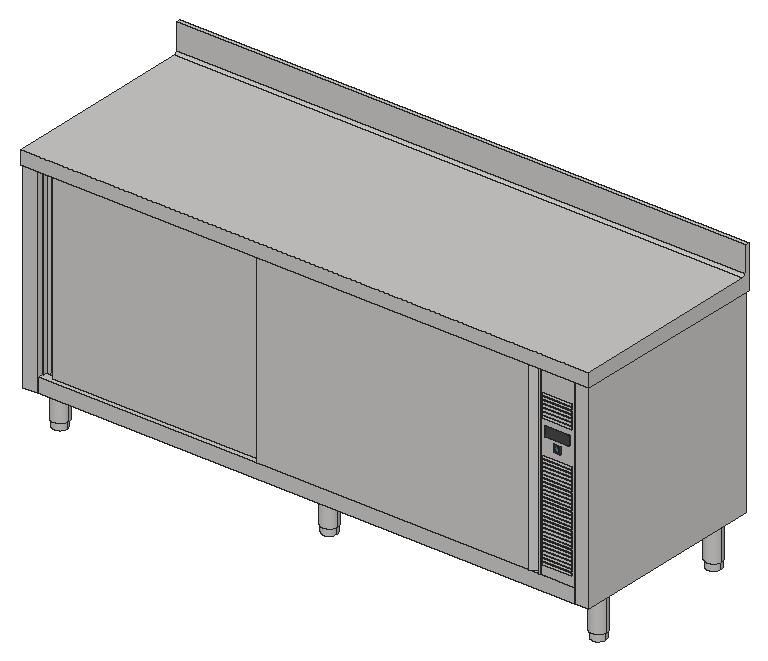
Revit family "QF_ELECTROLUXPROFESSIONAL_133097_TC2010EN", category Attrezzature speciali, Revit 2020
Family settings
  Quota connettore circolare = Usa diametro
  Tipo di parte = Normale
  Basato su piano di lavoro = No
  Sempre verticale = Sì
  Taglio con vuoti quando caricato = No
  Condiviso = No
  Punto di calcolo locali = No
Parameters (values of type "Standard")
  Weight = 75.00 kg
  Watts = 2400 W
  Volts = 220 V
  URL Manufacturer = "https://www.electroluxprofessional.com/"
  URL = "https://www.electroluxprofessional.com/"
  Steam Supply Size = 0 mm
  Steam Supply Minimum Pressure = 0.0 Pa
  Steam Supply Maximum Pressure = 0.0 Pa
  Steam Consumption per Hour = 0
  Refrigeration Suction Line Size = 0.0 mm
  Refrigeration Liquid Line Size = 0.0 mm
  Refrigerant Compressor Remote = yes
  Prospetto di default = 0.0 mm
  Produttore = "Electrolux Professional"
  Phase = 1
  Modello = "TC2010EN"
  Length Actual = 2000.0 mm  # constant formula
  Item Number = "133097"
  Hot Water Size = 0 mm
  Height Actual = 1000.0 mm  # constant formula
  HP = "3.2 HP"
  Gas Size = 0 mm
  Gas KW = 0
  Gas Input Pressure = 0 W
  Direct Waste Size = 0 mm
  Descrizione = "HOT CUPBOARD WITH UPSTAND 2000 MM"
  Depth Actual = 700.0 mm  # constant formula
  Cycle = 50 Hz
  Condensate Return Size = 0 mm
  Compressed Air Volume = 0.0 L/s
  Compressed Air Size = 0 mm
  Compressed Air Pressure = 0.0 Pa
  Cold Water Size = 0 mm
  Accessory = yes
Reference planes
  plane 1 "Center (Front/Back)": y = 0
  plane 2: z = 0
  plane 3 "Center (Left/Right)": x = -500
  plane 4 "LEFT": x = -1500
  plane 5 "RIGHT": x = 500
  plane 6 "BACK": y = 350
  plane 7 "FRONT": y = -350
  plane 8 "Base": z = 850
  plane 9 "TOP": z = 900
  plane 10: x = -1446.5
  plane 11: x = 446.5
  plane 12: y = 264.5
  plane 13: y = -241.5
  plane 14 "BodyLeft": x = -1494.5
  plane 15 "BodyFront": y = -344.5
  plane 16 "BodyRight": x = 494.5
  plane 17 "BodyBack": y = 344.5
  plane 18 "FEET": z = 150
  plane 19: x = 324.5
  plane 20: x = -561
  plane 21: x = 444.5
  plane 22 "EIx": x = 400
  plane 23 "EIy": y = -170
Forms (mm)
  Extrusion 1, solid, material "QF_Finishes_Stainless Steel"
    sketch origin (-500, 0, 0) x (0, 1, 0) y (0, 0, 1)
      loop
        line (-350, 850) -> (350, 850) -> (350, 1000) -> (337, 1000) -> (337, 910)
        arc (337, 910) -> (334.071, 902.929) -> (327, 900) r 10
        line (327, 900) -> (-350, 900) -> (-350, 850)
    from 1000 to -1000
  Extrusion 2, solid, material "QF_Finishes_Stainless Steel"
    sketch origin (0, 0, 150) x (-1, 0, 0) y (0, -1, 0)
      loop
        line (1494.5, -344.5) -> (1494.5, 344.5) -> (1444.5, 344.5) -> (1444.5, -344.5) -> (1494.5, -344.5)
      loop
        line (-444.5, -344.5) -> (-444.5, 344.5) -> (-494.5, 344.5) -> (-494.5, -344.5) -> (-444.5, -344.5)
    from 0 to 700
  Extrusion 3, solid, material "QF_Finishes_Stainless Steel"
    sketch origin (0, 0, 150) x (-1, 0, 0) y (0, -1, 0)
      loop
        line (1444.5, -344.5) -> (1444.5, 344.5) -> (-444.5, 344.5) -> (-444.5, -344.5) -> (1444.5, -344.5)
    from 0 to 50
  Extrusion 4, solid, material "QF_Finishes_Stainless Steel"
    sketch origin (-1, 0, 150) x (-1, 0, 0) y (0, -1, 0)
      loop
        line (-325.5, 344.5) -> (-325.5, 324.5) -> (670.5, 324.5) -> (670.5, 344.5) -> (-285.5, 344.5) -> (-305.5, 329.5) -> (-320.5, 329.5) -> (-320.5, 344.5) -> (-325.5, 344.5)
    from 50 to 700
  Extrusion 5, solid, material "QF_Finishes_Stainless Steel"
    sketch origin (1, 20, 150) x (1, 0, 0) y (0, 1, 0)
      loop
        line (-1445.5, -344.5) -> (-1440.5, -344.5) -> (-1440.5, -329.5) -> (-1425.5, -329.5) -> (-1405.5, -344.5) -> (-451.5, -344.5) -> (-451.5, -324.5) -> (-1445.5, -324.5) -> (-1445.5, -344.5)
    from 50 to 700
  Extrusion 6, solid, material "QF_Finishes_Stainless Steel"
    sketch origin (0, 0, 0) x (1, 0, 0) y (0, 1, 0)
      loop
        line (-1444.5, -304.5) -> (324.5, -304.5) -> (324.5, 324.5) -> (-1444.5, 324.5) -> (-1444.5, -304.5)
    from 500 to 540
  Extrusion 7, solid, material "QF_Finishes_Stainless Steel"
    sketch origin (0, 0, 0) x (1, 0, 0) y (0, 1, 0)
      loop
        line (444.5, 344.5) -> (-1444.5, 344.5) -> (-1444.5, 324.5) -> (444.5, 324.5) -> (444.5, 344.5)
    from 200 to 850
  Extrusion 8, solid, material "QF_Finishes_Stainless Steel"
    sketch origin (0, 0, 150) x (-1, 0, 0) y (0, -1, 0)
      loop
        circle (-400, 170) r 10
    from 0 to -5
Cuts and joins
  joined: Extrusion 3, Extrusion 7
Lines and regions (mm)
  symbolic lines
    curve 1: line (500, 350, 900) -> (-1500, 350, 900)
    curve 2: line (-1500, 350, 900) -> (-1500, -350, 900)
    curve 3: line (-1500, -350, 900) -> (500, -350, 900)
    curve 4: line (500, -350, 900) -> (500, 350, 900)
    curve 15: line (500, 337, 900) -> (-1500, 337, 900)
  symbolic lines, style "SpecialityEquipmentHiddenLines"
    curve 5: line (-1494.5, 344.5, 150) -> (494.5, 344.5, 150)
    curve 6: line (-1494.5, -344.5, 150) -> (-1494.5, 344.5, 150)
    curve 7: line (494.5, -344.5, 150) -> (-1494.5, -344.5, 150)
    curve 8: line (494.5, 344.5, 150) -> (494.5, -344.5, 150)
    curve 9: line (-1445.5, -304.5, 150) -> (-449.5, -304.5, 150)
    curve 10: line (-449.5, -304.5, 150) -> (-449.5, -324.5, 150)
    curve 11: line (-1445.5, -324.5, 150) -> (324.5, -324.5, 150)
    curve 12: line (324.5, -324.5, 150) -> (324.5, -344.5, 150)
    curve 13: line (-1445.5, -304.5, 150) -> (-1445.5, -324.5, 150)
    curve 14: line (-671.5, -344.5, 0) -> (-671.5, -324.5, 0)
Dimensions and locks
  plane 4 "LEFT" to plane 5 "RIGHT" = 2000.0 mm
  equal spacing: plane 4 "LEFT", plane 3 "Center (Left/Right)", plane 5 "RIGHT"
  locked: plane 8 "Base" to level at 850
  plane 6 "BACK" to plane 7 "FRONT" = 700.0 mm
  equal spacing: plane 6 "BACK", plane 1 "Center (Front/Back)", plane 7 "FRONT"
  locked: plane 4 "LEFT" to plane 14 "BodyLeft" at 5.5
  locked: plane 16 "BodyRight" to plane 5 "RIGHT" at 5.5
  locked: plane 15 "BodyFront" to plane 7 "FRONT" at 5.5
  locked: plane 6 "BACK" to plane 17 "BodyBack" at 5.5
  locked: plane 14 "BodyLeft" to plane 10 at 48
  locked: plane 11 to plane 16 "BodyRight" at 48
  locked: plane 13 to plane 15 "BodyFront" at 103
  locked: plane 17 "BodyBack" to plane 12 at 80
  plane 10 to plane 11 = 1893.0 mm
  plane 12 to plane 13 = 506.0 mm
  locked: plane 14 "BodyLeft" to Extrusion 2 sketch curve at 50
  locked: Extrusion 2 sketch curve to Extrusion 2 sketch curve at 50
  equal spacing: plane 10, plane 20, plane 19
  locked: plane 21 to plane 16 "BodyRight" at 50
  locked: plane 19 to plane 21 at 120
  locked: Extrusion 4 sketch curve to plane 20 at 110.5
  locked: plane 20 to Extrusion 5 sketch curve at 110.5
  locked: plane 18 "FEET" to level at 150
  locked: plane 22 "EIx" to plane 5 "RIGHT" at 100
  plane 23 "EIy" to plane 7 "FRONT" = 180.0 mm
  locked: Extrusion 1 to level at 1000
  plane 9 "TOP" to level = 900.0 mm
  aligned and locked: level to plane 2
  aligned and locked: plane 10 to nested 1
  aligned and locked: nested 1 to plane 13
  aligned and locked: plane 11 to nested 2
  aligned and locked: nested 2 to plane 13
  aligned and locked: plane 11 to nested 4
  aligned and locked: nested 4 to plane 12
  aligned and locked: plane 10 to nested 3
  aligned and locked: nested 3 to plane 12
  aligned and locked: Extrusion 1 to plane 4 "LEFT"
  aligned and locked: plane 5 "RIGHT" to Extrusion 1
  aligned and locked: curve 2 to plane 4 "LEFT"
  aligned and locked: plane 17 "BodyBack" to Extrusion 2 sketch curve
  aligned and locked: Extrusion 2 sketch curve to plane 15 "BodyFront"
  aligned and locked: Extrusion 2 sketch curve to plane 14 "BodyLeft"
  aligned and locked: plane 16 "BodyRight" to Extrusion 2 sketch curve
  aligned and locked: Extrusion 2 sketch curve to plane 17 "BodyBack"
  aligned and locked: plane 15 "BodyFront" to Extrusion 2 sketch curve
  aligned and locked: Extrusion 3 sketch curve to plane 17 "BodyBack"
  aligned and locked: plane 15 "BodyFront" to Extrusion 3 sketch curve
  aligned and locked: plane 8 "Base" to Extrusion 2
  aligned and locked: plane 8 "Base" to Extrusion 4
  aligned and locked: Extrusion 4 to Extrusion 3
  aligned and locked: Extrusion 1 to plane 8 "Base"
  aligned and locked: plane 9 "TOP" to Extrusion 1
  aligned and locked: curve 5 to plane 17 "BodyBack"
  aligned and locked: plane 14 "BodyLeft" to curve 6
  aligned and locked: plane 15 "BodyFront" to curve 7
  aligned and locked: plane 16 "BodyRight" to curve 8
  aligned and locked: Extrusion 3 to Extrusion 2  (x2)
  aligned and locked: Extrusion 6 sketch curve to Extrusion 2
  aligned and locked: Extrusion 6 sketch curve to Extrusion 5
  aligned and locked: nested 5 to plane 21
  aligned and locked: Extrusion 7 sketch curve to Extrusion 2
  aligned and locked: Extrusion 6 sketch curve to plane 19
  aligned and locked: plane 3 "Center (Left/Right)" to nested 6
  aligned and locked: plane 3 "Center (Left/Right)" to nested 7
Automatic sketch dimensions
  Extrusion 8 sketch curve to plane 22 "EIx" = 0.0 mm
  Extrusion 8 sketch curve to plane 23 "EIy" = 0.0 mm
  curve 14 to plane 15 "BodyFront" = 0.0 mm
  plane 15 "BodyFront" to curve 14 = 20.0 mm
  curve 14 to plane 20 = 110.5 mm
  curve 3 to plane 7 "FRONT" = 0.0 mm
  curve 15 to plane 5 "RIGHT" = 0.0 mm
  curve 4 to plane 6 "BACK" = 0.0 mm
  curve 15 to plane 17 "BodyBack" = 7.5 mm
  Extrusion 1 sketch curve to plane 7 "FRONT" = 0.0 mm
  Extrusion 1 sketch curve to plane 9 "TOP" = 0.0 mm
  Extrusion 1 sketch curve to plane 6 "BACK" = 0.0 mm
  Extrusion 1 sketch curve to plane 8 "Base" = 0.0 mm
  Extrusion 1 sketch curve to plane 17 "BodyBack" = 17.5 mm
  Extrusion 1 sketch curve to plane 17 "BodyBack" = 7.5 mm
  Extrusion 1 sketch curve to Extrusion 1 sketch curve = 90.0 mm
  Extrusion 3 sketch curve to plane 21 = 0.0 mm
  plane 10 to Extrusion 3 sketch curve = 2.0 mm
  Extrusion 4 sketch curve to plane 19 = 0.0 mm
  Extrusion 4 sketch curve to plane 15 "BodyFront" = 0.0 mm  (x2)
  Extrusion 4 sketch curve to Extrusion 4 sketch curve = 5.0 mm
  Extrusion 4 sketch curve to Extrusion 4 sketch curve = 15.0 mm  (x2)
  Extrusion 4 sketch curve to Extrusion 4 sketch curve = 20.0 mm
  plane 15 "BodyFront" to Extrusion 4 sketch curve = 20.0 mm
  Extrusion 5 sketch curve to plane 15 "BodyFront" = 20.0 mm  (x2)
  Extrusion 5 sketch curve to plane 10 = 42.0 mm
  Extrusion 5 sketch curve to plane 10 = 22.0 mm
  Extrusion 5 sketch curve to plane 10 = 7.0 mm
  Extrusion 5 sketch curve to plane 10 = 2.0 mm
  Extrusion 5 sketch curve to Extrusion 5 sketch curve = 15.0 mm
  Extrusion 5 sketch curve to Extrusion 5 sketch curve = 20.0 mm
  Extrusion 6 sketch curve to plane 17 "BodyBack" = 20.0 mm
  Extrusion 7 sketch curve to plane 21 = 0.0 mm
  Extrusion 7 sketch curve to plane 17 "BodyBack" = 0.0 mm
  Extrusion 7 sketch curve to Extrusion 7 sketch curve = 20.0 mm
  curve 11 to plane 19 = 0.0 mm
  curve 7 to plane 15 "BodyFront" = 0.0 mm
  plane 3 "Center (Left/Right)" to curve 10 = 50.5 mm
  plane 10 to curve 13 = 1.0 mm
  plane 15 "BodyFront" to curve 9 = 40.0 mm
  plane 15 "BodyFront" to curve 13 = 20.0 mm
  radius of Extrusion 8 sketch curve = 10.0 mm
Nested families
  nested 1: "FEET_D58-150" at (-1446.5, -241.5, 0), type "FEET_D58-150"
  nested 2: "FEET_D58-150" at (446.5, -241.5, 0), type "FEET_D58-150"
  nested 3: "FEET_D58-150" at (-1446.5, 264.5, 0), type "FEET_D58-150"
  nested 4: "FEET_D58-150" at (446.5, 264.5, 0), type "FEET_D58-150"
  nested 5: "WT_PNL120x650" at (531.42, -304.5, 600) x (1, 0, 0) z (0, -1, 0), type "WT_PNL120x650"
    with Show Logo yes
  nested 6: "FEET_D58-150" at (-500, -241.5, 0), type "FEET_D58-150"
  nested 7: "FEET_D58-150" at (-500, 264.5, 0), type "FEET_D58-150"
Connectors
  electrical at (400, -170, 145)
    settings: on Extrusion 8, index 1, voltage 0 V, apparent load 0 VA, apparent load phase1 0 VA, apparent load phase2 0 VA, apparent load phase3 0 VA, power factor 1, load classification "Other", number of poles 1, system type 30, power factor state 1, is connector primary yes, connector utility no, sub classification motor no, connector description "Electrical connection"
Definition of nested family "FEET_D58-150"
  Parameters
    Default Elevation = 0.0 mm
    FEET = 150.0 mm
  Reference planes
    plane 1 "Center (Front/Back)": y = 0
    plane 2: z = 0
    plane 3 "Center (Left/Right)": x = 0
    plane 4: z = 150
  Forms (mm)
    Extrusion 1, solid
      sketch origin (0, 0, 0) x (1, 0, 0) y (0, 1, 0)
        loop
          circle (0, 0) r 25
      from 0 to 25
    Extrusion 2, solid
      sketch origin (0, 0, 0) x (1, 0, 0) y (0, 1, 0)
        loop
          circle (0.061, 0) r 29
      from 25 to 150 <- "FEET"
  Lines and regions (mm)
    symbolic lines
      curve 1: line (0, -1.503, 0) -> (0, 1.508, 0)
      curve 2: line (1.561, 0, 0) -> (-1.439, 0, 0)
  Dimensions and locks
    "FEET": plane 4 to plane 2
    aligned and locked: level to plane 2
  Automatic sketch dimensions
    plane 1 "Center (Front/Back)" to Extrusion 1 sketch curve = 0.0 mm
    Extrusion 1 sketch curve to plane 3 "Center (Left/Right)" = 0.0 mm
    plane 1 "Center (Front/Back)" to curve 2 = 0.0 mm
    curve 1 to plane 3 "Center (Left/Right)" = 0.0 mm
    curve 2 to plane 3 "Center (Left/Right)" = 1.439 mm
    plane 3 "Center (Left/Right)" to curve 2 = 1.561 mm
    plane 1 "Center (Front/Back)" to curve 1 = 1.503 mm
    curve 1 to plane 1 "Center (Front/Back)" = 1.508 mm
    plane 1 "Center (Front/Back)" to Extrusion 2 sketch curve = 0.0 mm
    plane 3 "Center (Left/Right)" to Extrusion 2 sketch curve = 0.061 mm
    radius of Extrusion 1 sketch curve = 25.0 mm
    radius of Extrusion 2 sketch curve = 29.0 mm
Definition of nested family "WT_PNL120x650"
  Parameters
    Show Logo [instance] = yes
    Default Elevation = 1219.2 mm
  Reference planes
    plane 1 "Center (Front/Back)": y = -75
    plane 2: z = 0
    plane 3 "Center (Left/Right)": x = -146.92
    plane 4: x = -206.92
    plane 5: x = -86.92
    plane 6: y = 250
    plane 7: y = -400
    plane 8 "TOP": z = 40
  Forms (mm)
    Extrusion 1, solid
      sketch origin (0, 0, 0) x (1, 0, 0) y (0, 1, 0)
        loop
          line (-1219.2, 1219.2) -> (-1219.2, -1219.2) -> (1219.2, -1219.2) -> (1219.2, 1219.2) -> (-1219.2, 1219.2)
      from 0 to -304.8
    Extrusion 2, solid
      sketch origin (0, 0, 0) x (1, 0, 0) y (0, 1, 0)
        loop
          line (-206.92, 250) -> (-206.92, -400) -> (-86.92, -400) -> (-86.92, 250) -> (-206.92, 250)
      from 0 to 40
    Extrusion 3, void
      sketch origin (0, 0, 40) x (-1, 0, 0) y (0, -1, 0)
        loop
          arc (101.92, -68.899) -> (103.795, -73.256) -> (108.247, -74.89) r 6
          line (108.247, -74.89) -> (185.92, -74.89)
          arc (185.92, -74.89) -> (190.163, -73.133) -> (191.92, -68.89) r 6
          line (191.92, -68.89) -> (191.92, -45.89)
          arc (191.92, -45.89) -> (190.163, -41.648) -> (185.92, -39.89) r 6
          line (185.92, -39.89) -> (107.92, -39.89)
          arc (107.92, -39.89) -> (103.677, -41.648) -> (101.92, -45.89) r 6
          line (101.92, -45.89) -> (101.92, -68.899)
        loop
          line (158.92, -27.89) -> (158.92, -2.89) -> (134.92, -2.89) -> (134.92, -27.89) -> (158.92, -27.89)
      from -2 to 0
    Extrusion 4, solid
      sketch origin (0, 0, 40) x (-1, 0, 0) y (0, -1, 0)
        loop
          line (185.92, -39.89) -> (107.92, -39.89)
          arc (107.92, -39.89) -> (103.677, -41.648) -> (101.92, -45.89) r 6
          line (101.92, -45.89) -> (101.92, -68.899)
          arc (101.92, -68.899) -> (103.795, -73.256) -> (108.247, -74.89) r 6
          line (108.247, -74.89) -> (185.92, -74.89)
          arc (185.92, -74.89) -> (190.163, -73.133) -> (191.92, -68.89) r 6
          line (191.92, -68.89) -> (191.92, -45.89)
          arc (191.92, -45.89) -> (190.163, -41.648) -> (185.92, -39.89) r 6
      from -2 to 1
    Extrusion 5, solid
      sketch origin (-146.92, 0, 0) x (0, 1, 0) y (0, 0, 1)
        loop
          line (95.896, 40) -> (104.899, 40) -> (95.896, 41.206) -> (95.896, 40)
        loop
          line (107.896, 40) -> (116.899, 40) -> (107.896, 41.206) -> (107.896, 40)
        loop
          line (119.896, 40) -> (128.899, 40) -> (119.896, 41.206) -> (119.896, 40)
        loop
          line (131.896, 40) -> (140.899, 40) -> (131.896, 41.206) -> (131.896, 40)
        loop
          line (143.896, 40) -> (152.899, 40) -> (143.896, 41.206) -> (143.896, 40)
        loop
          line (155.896, 40) -> (164.899, 40) -> (155.896, 41.206) -> (155.896, 40)
        loop
          line (167.896, 40) -> (176.899, 40) -> (167.896, 41.206) -> (167.896, 40)
        loop
          line (-102.104, 40) -> (-93.101, 40) -> (-102.104, 41.206) -> (-102.104, 40)
        loop
          line (-90.104, 40) -> (-81.101, 40) -> (-90.104, 41.206) -> (-90.104, 40)
        loop
          line (-78.104, 40) -> (-69.101, 40) -> (-78.104, 41.206) -> (-78.104, 40)
        loop
          line (-66.104, 40) -> (-57.101, 40) -> (-66.104, 41.206) -> (-66.104, 40)
        loop
          line (-54.104, 40) -> (-45.101, 40) -> (-54.104, 41.206) -> (-54.104, 40)
        loop
          line (-42.104, 40) -> (-33.101, 40) -> (-42.104, 41.206) -> (-42.104, 40)
        loop
          line (-30.104, 40) -> (-21.101, 40) -> (-30.104, 41.206) -> (-30.104, 40)
        loop
          line (-174.104, 40) -> (-165.101, 40) -> (-174.104, 41.206) -> (-174.104, 40)
        loop
          line (-162.104, 40) -> (-153.101, 40) -> (-162.104, 41.206) -> (-162.104, 40)
        loop
          line (-150.104, 40) -> (-141.101, 40) -> (-150.104, 41.206) -> (-150.104, 40)
        loop
          line (-138.104, 40) -> (-129.101, 40) -> (-138.104, 41.206) -> (-138.104, 40)
        loop
          line (-126.104, 40) -> (-117.101, 40) -> (-126.104, 41.206) -> (-126.104, 40)
        loop
          line (-114.104, 40) -> (-105.101, 40) -> (-114.104, 41.206) -> (-114.104, 40)
        loop
          line (-246.104, 40) -> (-237.101, 40) -> (-246.104, 41.206) -> (-246.104, 40)
        loop
          line (-234.104, 40) -> (-225.101, 40) -> (-234.104, 41.206) -> (-234.104, 40)
        loop
          line (-222.104, 40) -> (-213.101, 40) -> (-222.104, 41.206) -> (-222.104, 40)
        loop
          line (-210.104, 40) -> (-201.101, 40) -> (-210.104, 41.206) -> (-210.104, 40)
        loop
          line (-198.104, 40) -> (-189.101, 40) -> (-198.104, 41.206) -> (-198.104, 40)
        loop
          line (-186.104, 40) -> (-177.101, 40) -> (-186.104, 41.206) -> (-186.104, 40)
        loop
          line (-318.104, 40) -> (-309.101, 40) -> (-318.104, 41.206) -> (-318.104, 40)
        loop
          line (-306.104, 40) -> (-297.101, 40) -> (-306.104, 41.206) -> (-306.104, 40)
        loop
          line (-294.104, 40) -> (-285.101, 40) -> (-294.104, 41.206) -> (-294.104, 40)
        loop
          line (-282.104, 40) -> (-273.101, 40) -> (-282.104, 41.206) -> (-282.104, 40)
        loop
          line (-270.104, 40) -> (-261.101, 40) -> (-270.104, 41.206) -> (-270.104, 40)
        loop
          line (-258.104, 40) -> (-249.101, 40) -> (-258.104, 41.206) -> (-258.104, 40)
        loop
          line (-366.104, 40) -> (-357.101, 40) -> (-366.104, 41.206) -> (-366.104, 40)
        loop
          line (-354.104, 40) -> (-345.101, 40) -> (-354.104, 41.206) -> (-354.104, 40)
        loop
          line (-342.104, 40) -> (-333.101, 40) -> (-342.104, 41.206) -> (-342.104, 40)
        loop
          line (-330.104, 40) -> (-321.101, 40) -> (-330.104, 41.206) -> (-330.104, 40)
      from -50 to 50
    Extrusion 6, solid
      sketch origin (0, 0, 40) x (-1, 0, 0) y (0, -1, 0)
        loop
          line (134.92, -27.89) -> (158.92, -27.89) -> (158.92, -2.89) -> (134.92, -2.89) -> (134.92, -27.89)
        loop
          circle (146.92, -15.39) r 9
      from -2 to 3
    Extrusion 7, solid
      sketch origin (0, 0, 40) x (-1, 0, 0) y (0, -1, 0)
        loop
          circle (146.92, -15.39) r 9
      from 0 to 3
  Cuts and joins
    Extrusion 3 cuts Extrusion 2
  Dimensions and locks
    equal spacing: plane 6, plane 1 "Center (Front/Back)", plane 7
    equal spacing: plane 4, plane 3 "Center (Left/Right)", plane 5
    plane 8 "TOP" to level = 40.0 mm
    aligned and locked: plane 2 to Extrusion 1
    aligned and locked: level to Extrusion 1
  Automatic sketch dimensions
    Extrusion 1 sketch curve to Extrusion 1 sketch curve = 2438.4 mm  (x2)
    Extrusion 2 sketch curve to plane 4 = 0.0 mm
    Extrusion 2 sketch curve to plane 5 = 0.0 mm
    Extrusion 2 sketch curve to plane 7 = 0.0 mm
    Extrusion 2 sketch curve to plane 6 = 0.0 mm
    Extrusion 5 sketch curve to plane 8 "TOP" = 0.0 mm  (x36)
    Extrusion 5 sketch curve to Extrusion 5 sketch curve = 9.003 mm  (x35)
    plane 8 "TOP" to Extrusion 5 sketch curve = 1.206 mm  (x22)
    Extrusion 5 sketch curve to Extrusion 5 sketch curve = 2.997 mm  (x33)
    plane 1 "Center (Front/Back)" to Extrusion 5 sketch curve = 6.101 mm
    plane 1 "Center (Front/Back)" to Extrusion 5 sketch curve = 3.104 mm
    Extrusion 5 sketch curve to plane 1 "Center (Front/Back)" = 5.899 mm
    Extrusion 5 sketch curve to Extrusion 5 sketch curve = 116.997 mm
    Extrusion 5 sketch curve to Extrusion 5 sketch curve = 1.206 mm  (x14)
    Extrusion 4 sketch curve to plane 5 = 15.0 mm
    Extrusion 4 sketch curve to Extrusion 4 sketch curve = 6.0 mm  (x3)
    Extrusion 4 sketch curve to Extrusion 4 sketch curve = 0.327 mm
    plane 4 to Extrusion 4 sketch curve = 21.0 mm  (x2)
    Extrusion 4 sketch curve to plane 1 "Center (Front/Back)" = 149.89 mm
    Extrusion 4 sketch curve to Extrusion 4 sketch curve = 23.009 mm
    Extrusion 3 sketch curve to plane 5 = 15.0 mm
    Extrusion 3 sketch curve to Extrusion 3 sketch curve = 6.0 mm  (x3)
    Extrusion 3 sketch curve to Extrusion 3 sketch curve = 0.327 mm
    plane 3 "Center (Left/Right)" to Extrusion 3 sketch curve = 12.0 mm
    Extrusion 3 sketch curve to plane 3 "Center (Left/Right)" = 12.0 mm
    plane 4 to Extrusion 3 sketch curve = 21.0 mm  (x2)
    Extrusion 3 sketch curve to plane 1 "Center (Front/Back)" = 149.89 mm
    Extrusion 3 sketch curve to Extrusion 3 sketch curve = 23.0 mm
    Extrusion 3 sketch curve to Extrusion 3 sketch curve = 12.0 mm
    Extrusion 3 sketch curve to Extrusion 3 sketch curve = 25.0 mm
    Extrusion 6 sketch curve to plane 3 "Center (Left/Right)" = 0.0 mm
    plane 3 "Center (Left/Right)" to Extrusion 6 sketch curve = 12.0 mm
    Extrusion 6 sketch curve to plane 3 "Center (Left/Right)" = 12.0 mm
    Extrusion 6 sketch curve to plane 1 "Center (Front/Back)" = 102.89 mm
    Extrusion 6 sketch curve to Extrusion 6 sketch curve = 12.5 mm  (x2)
    Extrusion 7 sketch curve to plane 3 "Center (Left/Right)" = 0.0 mm
    Extrusion 7 sketch curve to plane 1 "Center (Front/Back)" = 90.39 mm
    radius of Extrusion 6 sketch curve = 9.0 mm
    radius of Extrusion 7 sketch curve = 9.0 mm
